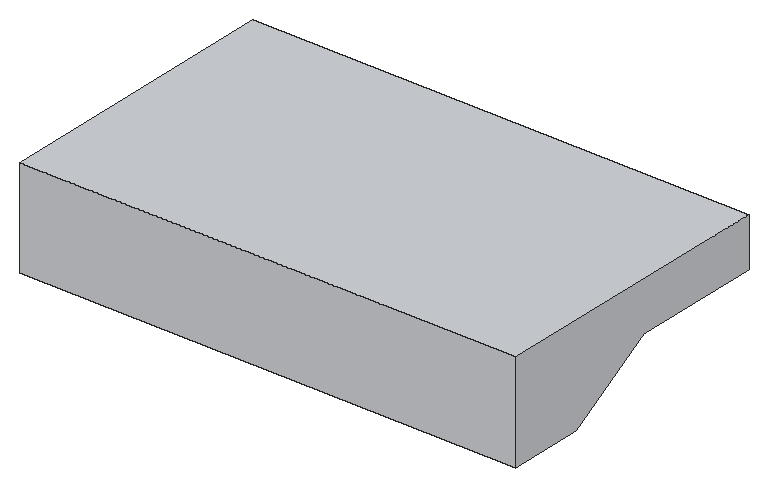
Revit family "铺盖", category 常规模型, Revit 2019
Family settings
  可将钢筋附着到主体 = 否
  圆形连接件大小 = 使用直径
  零件类型 = 标准
  基于工作平面 = 否
  总是垂直 = 是
  加载时剪切的空心 = 否
  共享 = 否
  房间计算点 = 否
Parameters
  材料 [instance] = none
  总宽度 [instance] = 2000 mm
  齿墙倒角 = 30.00°
  底板厚度 = 200 mm
  总长度 [instance] = 1172.642 mm
  齿墙宽度 = 300 mm
  总高度 [instance] = 400 mm
  型号 = "BLANKET"  # constant formula
Reference planes
  plane 1 "中心(前/后)": y = 0
  plane 2: z = 0
  plane 3 "中心(左/右)": x = 0
  plane 4: y = -580
  plane 5: z = 400
  plane 6: y = 592.642
  plane 7: z = 200
  plane 8: y = -280
  plane 9: through (4267.2, -295, -8.66) normal (0, -0.5, 0.866)
  plane 10: x = 2000
Forms (mm)
  Extrusion 1, solid, material <- "材料"
    sketch origin (0, 0, 0) x (0, 1, 0) y (0, 0, 1)
      loop
        line (-580, 400) -> (-580, 0) -> (-280, 0) -> (66.41, 200) -> (592.642, 200) -> (592.642, 400) -> (-580, 400)
    from 0 to 2000
Dimensions and locks
  "总长度": plane 4 to plane 6
  "总高度": plane 5 to level
  "底板厚度": plane 5 to plane 7
  "齿墙宽度": plane 4 to plane 8
  "总宽度": plane 10 to plane 3 "中心(左/右)"
  "齿墙倒角": angle plane 2 to plane 9
  aligned and locked: level to plane 2
  aligned and locked: plane 8 to Extrusion 1 sketch curve
  aligned and locked: plane 2 to Extrusion 1 sketch curve
  aligned and locked: plane 7 to Extrusion 1 sketch curve
  aligned and locked: plane 9 to Extrusion 1 sketch curve
  aligned and locked: Extrusion 1 sketch curve to plane 7
  aligned and locked: Extrusion 1 sketch curve to plane 6
  aligned and locked: Extrusion 1 sketch curve to plane 5
  aligned and locked: Extrusion 1 sketch curve to plane 4
  aligned and locked: plane 10 to Extrusion 1
  aligned and locked: Extrusion 1 to plane 3 "中心(左/右)"
